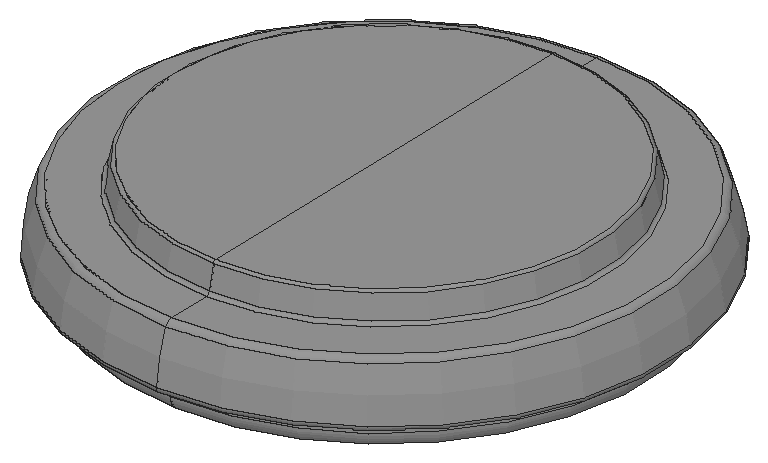
Revit family "FMK11_63_UN_Surface-mounted_ETK", category Lighting Fixtures, Revit 2017 (continued)
Definition of nested family "FMK.1 - Lightsource"
  Parameters (values of type "FMK.1109.10 - Ø250x48 / 12W")
      394.7084\t391.0909\t387.0552\r\n382.4227\t377.3501\t371.7125\t365.6289\t359.0797\t352.0101\t344.5153\t336.5336\t328.0834\t319.186\r\n310.0492\t300.3991\t290.6808\t280.0535\t269.1382\t257.6606\t245.9715\t234.0356\t221.994\t209.6474\r\n197.1639\t184.5242\t171.8904\t158.2648\t144.4077\t130.6839\t117.093\t103.3426\t89.5213\t76.4321\r\n62.9064\t50.3095\t38.9022\t28.6824\t0\t0\r\n405.3384\t405.5619\t405.0308\t404.1037\t402.4481\t400.3826\t397.8529\t394.7029\t391.0716\t386.9514\r\n382.295\t377.2986\t371.6562\t365.6032\t359.0556\t351.9937\t344.5103\t336.584\t328.1776\t319.3532\r\n310.0974\t300.3356\t290.3174\t279.8488\t269.1115\t258.1537\t246.5385\t234.5863\t222.1937\t209.6472\r\n196.9332\t184.0086\t170.9271\t157.807\t144.7993\t131.1715\t116.9912\t103.0076\t89.4388\t75.7848\r\n62.8691\t50.2334\t38.592\t27.1196\t0\t0\r\n405.3384\t405.5633\t405.0407\t404.1312\t402.6392\t400.4187\t397.881\t394.7292\t391.0895\t386.9644\r\n382.2746\t377.1648\t371.4996\t365.4693\t358.9878\t351.9131\t344.4464\t336.5353\t328.1318\t319.3478\r\n310.1011\t300.4485\t290.394\t279.9618\t269.1603\t257.9107\t246.3524\t234.5985\t222.4284\t210.1088\r\n197.3969\t184.1969\t170.8703\t157.4428\t143.9608\t130.43\t116.9468\t103.5478\t89.3098\t75.5778\r\n62.4619\t50.0702\t38.7502\t24.5387\t1.901\t0\r\n405.3384\t405.5636\t405.0466\t404.1492\t402.6681\t400.5955\t398.0664\t394.9307\t391.1454\t387.0248\r\n382.3139\t377.1828\t371.4901\t365.4554\t358.8567\t351.7264\t344.248\t336.3296\t327.9212\t319.2201\r\n309.9694\t300.3191\t290.2888\t279.8993\t269.135\t258.007\t246.5323\t234.736\t222.5462\t210.0919\r\n197.3723\t184.3271\t171.1345\t157.7225\t144.2137\t130.4595\t116.5463\t102.7293\t88.9906\t75.6756\r\n62.4842\t49.7099\t38.4108\t19.5388\t9.0852\t0\r\n405.3384\t405.5627\t405.0483\t404.1575\t402.6822\t400.6129\t398.0939\t394.9827\t391.3659\t387.2691\r\n382.55\t377.4142\t371.7081\t365.686\t358.9237\t351.7483\t344.2571\t336.3046\t327.8656\t319.0519\r\n309.7319\t300.073\t290.0393\t279.6352\t268.8689\t257.7186\t246.2608\t234.4573\t222.2884\t210.0107\r\n197.2602\t184.3582\t171.2221\t157.8358\t144.2992\t130.7043\t116.8944\t103.0094\t89.1137\t75.4482\r\n62.0725\t49.5077\t38.5681\t16.4085\t6.3848\t0\r\n405.3384\t405.5608\t405.0458\t404.1562\t402.6815\t400.6096\t398.0931\t394.9913\t391.3746\t387.2895\r\n382.5726\t377.4458\t371.7456\t365.7409\t359.116\t351.9176\t344.4382\t336.4672\t328.028\t319.2025\r\n309.8386\t300.1705\t290.1395\t279.7338\t268.942\t257.7639\t246.2815\t234.4244\t222.1929\t209.9028\r\n196.969\t184.0235\t170.8906\t157.4183\t143.9226\t130.2982\t116.5333\t102.7217\t88.9801\t75.3324\r\n62.0708\t49.4881\t37.8886\t16.6443\t6.3206\t4.5649\r\n405.3384\t405.5579\t405.0392\t404.1453\t402.6658\t400.5861\t398.064\t394.9565\t391.3223\t387.2272\r\n382.4989\t377.367\t371.656\t365.6345\t358.8616\t351.6754\t344.1767\t336.2087\t327.7721\t318.9511\r\n309.6246\t299.9461\t289.9153\t279.5013\t268.7141\t257.5244\t246.0492\t234.2476\t222.0584\t209.8057\r\n197.0631\t184.1389\t170.9819\t157.6062\t144.0805\t130.4305\t116.7655\t102.8872\t88.9857\t75.3165\r\n61.9974\t49.5022\t38.5004\t19.5133\t10.1573\t0\r\n405.3384\t405.5537\t405.0285\t404.1246\t402.6354\t400.5421\t398.006\t394.879\t391.057\t386.9398\r\n382.2102\t377.0886\t371.3854\t365.3521\t358.7336\t351.5762\t344.0881\t336.1427\t327.7345\t319.0228\r\n309.7484\t300.0828\t290.0448\t279.6173\t268.8275\t257.6208\t246.1171\t234.3028\t222.0743\t209.66\r\n196.8854\t183.8167\t170.5486\t157.0989\t143.5804\t129.9288\t116.1512\t102.4281\t88.8066\t75.5773\r\n62.493\t49.7093\t38.2595\t25.0307\t14.9589\t0\r\n405.3384\t405.5487\t405.0137\t404.0945\t402.5903\t400.3393\t397.7919\t394.6519\t390.9587\t386.8388\r\n382.1207\t377.0237\t371.3413\t365.3181\t358.8128\t351.6794\t344.2118\t336.2599\t327.8486\t319.0383\r\n309.7477\t300.0564\t289.9668\t279.4805\t268.6528\t257.2839\t245.7289\t233.9178\t221.7092\t209.3665\r\n196.5454\t183.3687\t170.0181\t156.5779\t143.1684\t129.7197\t116.3848\t103.1589\t88.9988\t75.3396\r\n62.3046\t50.0937\t38.8254\t28.0997\t2.873\t0\r\n405.3384\t405.5424\t404.9947\t404.055\t402.3835\t400.2776\t397.7298\t394.604\t390.8997\t386.7863\r\n382.0919\t377.1147\t371.4463\t365.407\t358.8101\t351.6735\t344.1847\t336.2129\t327.7678\t318.9134\r\n309.5687\t299.7567\t289.6031\t279.1338\t268.3599\t257.1899\t245.6509\t233.7994\t221.2737\t208.667\r\n195.8953\t182.9771\t169.8766\t156.7282\t143.8338\t130.2381\t116.1827\t102.4101\t88.9484\t75.4168\r\n62.7296\t50.3091\t39.1414\t29.704\t0\t0\r\n405.3384\t405.5351\t404.9716\t403.8532\t402.3311\t400.2301\t397.6855\t394.5908\t390.8787\t386.8617\r\n382.175\t377.112\t371.4367\t365.3594\t358.743\t351.6058\t344.0956\t336.0642\t327.5154\t318.5932\r\n309.2834\t299.6126\t289.6216\t279.1214\t268.1429\t256.518\t244.9018\t233.0679\t220.8676\t208.4546\r\n195.9224\t183.2678\t170.6349\t156.9081\t143.1149\t129.4264\t115.9638\t102.4748\t88.9243\t76.0325\r\n62.7599\t50.5163\t39.7576\t30.4051\t0\t0\r\n405.3384\t405.5268\t404.9446\t403.805\t402.2873\t400.1964\t397.6585\t394.6138\t390.9631\t386.846\r\n382.1518\t377.0764\t371.382\t365.2552\t358.5991\t351.4668\t343.8615\t335.8105\t327.4306\t318.7174\r\n309.3728\t299.5147\t288.9811\t278.3636\t267.4085\t256.1152\t244.6556\t232.9217\t220.9954\t208.7993\r\n196.6284\t183.2571\t169.7766\t156.2175\t142.8009\t129.5874\t115.8561\t102.4694\t89.5373\t75.801\r\n62.8374\t50.9146\t40.2047\t6.0894\t0\t0\r\n405.3384\t405.5175\t404.9137\t403.7611\t402.2519\t400.1761\t397.6486\t394.7553\t390.9488\t386.789\r\n382.1121\t377.0119\t371.2861\t365.1175\t358.3294\t351.2537\t343.813\t335.977\t327.5604\t318.4278\r\n308.6974\t298.7546\t288.5068\t277.9956\t267.1616\t256.1159\t244.8144\t233.2945\t221.7169\t208.8064\r\n195.7188\t182.5554\t169.3922\t156.2082\t142.9406\t129.1804\t115.9091\t102.9762\t89.1253\t75.8369\r\n63.1021\t51.3207\t40.5082\t0\t0\t0\r\n405.3384\t405.5071\t404.732\t403.7215\t402.2248\t400.1686\t397.7338\t394.8479\t390.8965\t386.7357\r\n382.0539\t376.9054\t371.1484\t364.8842\t358.2241\t351.4508\t343.9783\t335.7216\t326.8896\t317.6788\r\n308.2461\t298.3973\t288.3086\t277.939\t267.2925\t256.4485\t245.5245\t233.6216\t220.7985\t208.0817\r\n195.2276\t182.3754\t169.6036\t156.0708\t142.5048\t129.2499\t116.3261\t102.426\t89.0803\t75.9582\r\n63.4055\t51.6359\t45.2068\t0\t0\t0\r\n405.3384\t405.4958\t404.7008\t403.6862\t402.2055\t400.2642\t397.7241\t394.865\t390.8568\t386.6659\r\n381.976\t376.6726\t370.9429\t364.8366\t358.4087\t351.334\t343.5563\t334.9914\t326.3919\t317.3169\r\n308.0073\t298.2976\t288.3747\t278.1618\t267.7576\t257.0033\t244.8286\t232.6273\t220.2623\t207.8032\r\n195.2499\t182.6548\t169.1292\t155.7437\t142.619\t129.6789\t115.7028\t102.2394\t89.062\t76.0071\r\n63.5996\t51.8486\t11.6838\t0\t0\t0\r\n405.3384\t405.4834\t404.6711\t403.6553\t402.1936\t400.258\t397.6979\t394.8548\t390.809\t386.5801\r\n381.7953\t376.5628\t370.9021\t365.0558\t358.2517\t350.708\t342.8497\t334.6091\t326.0741\t317.1853\r\n307.9783\t298.4528\t288.6922\t278.8691\t267.9516\t256.0449\t244.1901\t232.1682\t220.074\t207.8676\r\n195.4583\t182.0264\t168.8523\t155.8456\t142.9997\t129.0282\t115.4645\t102.3448\t88.8812\t76.0111\r\n63.697\t51.9403\t0\t0\t0\t0\r\n405.3384\t405.4702\t404.6431\t403.6287\t402.2832\t400.2467\t397.6616\t394.8126\t390.7531\t386.4813\r\n381.7031\t376.5033\t371.0899\t364.866\t357.6417\t350.2384\t342.4952\t334.4178\t325.9215\t317.2094\r\n308.1434\t298.8419\t289.3001\t278.281\t266.9656\t255.5234\t243.8676\t232.0908\t220.4035\t207.9609\r\n194.7531\t181.8051\t168.927\t156.2326\t142.3126\t128.7065\t115.4865\t101.9757\t88.7309\t76.0048\r\n63.7421\t56.6766\t0\t0\t0\t0\r\n405.3384\t405.4561\t404.6167\t403.6076\t402.2769\t400.2274\t397.6166\t394.7349\t390.6867\t386.33\r\n381.656\t376.7279\t370.9169\t364.2502\t357.2389\t349.8681\t342.264\t334.3087\t325.9477\t317.3662\r\n308.4811\t299.3487\t288.5326\t277.6229\t266.5022\t255.2499\t243.8518\t232.5118\t220.0293\t207.2658\r\n194.5118\t181.8749\t169.3599\t155.551\t141.9034\t128.5853\t115.2093\t101.7082\t88.6305\t75.9892\r\n63.7506\t34.8823\t0\t0\t0\t0\r\n405.3384\t405.441\t404.5919\t403.5925\t402.2647\t400.2005\t397.5636\t394.6195\t390.511\t386.2918\r\n381.8682\t376.6329\t370.3868\t363.8318\t356.9304\t349.652\t342.1589\t334.2951\t326.1382\t317.7058\r\n308.9338\t298.5236\t287.9506\t277.1892\t266.2979\t255.2333\t244.3108\t232.0843\t219.5682\t206.9936\r\n194.5653\t182.2533\t168.7385\t155.1122\t141.7148\t128.5532\t114.8199\t101.4796\t88.5326\t75.9589\r\n63.7436\t0\t0\t0\t0\t0\r\n405.3384\t405.4251\t404.5685\t403.5817\t402.2465\t400.1668\t397.508\t394.4112\t390.4413\t386.2913\r\n381.8067\t376.4311\t370.0062\t363.505\t356.7156\t349.5603\t342.1638\t334.4401\t326.4674\t318.1326\r\n308.1103\t297.9214\t287.5762\t277.012\t266.3002\t255.6656\t243.832\t231.5923\t219.2864\t207.014\r\n194.9442\t181.7689\t168.1866\t154.8828\t141.8181\t128.0517\t114.4929\t101.2468\t88.4031\t75.8633\r\n69.485\t0\t0\t0\t0\t0\r\n405.3384\t405.2485\t404.5335\t403.6645\t402.2224\t400.1255\t397.475\t394.1709\t390.3989\t386.5385\r\n381.6223\t375.8443\t369.6864\t363.2614\t356.5777\t349.5494\t342.2587\t334.7322\t326.9154\t317.3685\r\n307.5367\t297.5489\t287.3558\t277.0195\t266.7127\t255.5088\t243.294\t231.2722\t219.2355\t207.2358\r\n194.7953\t181.1626\t167.9131\t154.7557\t141.4371\t127.7042\t114.2298\t101.0851\t88.2593\t75.7374\r\n52.566\t0\t0\t0\t0\t0\r\n405.3384\t405.2313\t404.5149\t403.6585\t402.1924\t400.0874\t397.4062\t394.0524\t390.3827\t386.4783\r\n381.347\t375.4965\t369.4174\t363.101\t356.5087\t349.625\t342.4702\t335.2626\t326.2434\t316.8153\r\n307.1624\t297.3178\t287.3215\t277.1874\t266.6991\t254.7569\t242.9726\t231.1253\t219.3601\t207.4539\r\n194.0571\t180.8106\t167.6988\t154.8237\t140.9526\t127.3463\t114.024\t100.9381\t88.1442\t75.6199\r\n8.3292\t0\t0\t0\t0\t0\r\n405.3384\t405.2143\t404.4979\t403.65\t402.1564\t400.0372\t397.3255\t393.9625\t390.6129\t386.3063\r\n380.8286\t375.1745\t369.2361\t363.0129\t356.5201\t349.7807\t343.0483\t335.0507\t325.7043\t316.3858\r\n306.914\t297.2339\t287.4377\t277.4576\t265.9553\t254.3844\t242.7811\t231.1938\t219.6917\t206.6946\r\n193.5598\t180.5774\t167.6861\t154.2617\t140.5223\t127.0588\t113.7914\t100.7972\t88.0366\t83.4326\r\n0\t0\t0\t0\t0\t0\r\n405.3384\t405.1978\t404.4825\t403.6384\t402.0911\t399.9817\t397.1408\t393.8852\t390.547\t386.0015\r\n380.5505\t374.9336\t369.1354\t362.9788\t356.6063\t350.0031\t343.0514\t334.2028\t325.2569\t316.0815\r\n306.771\t297.3248\t287.8218\t276.8308\t265.4808\t254.1562\t242.7619\t231.3645\t219.1669\t206.151\r\n193.2513\t180.4127\t167.6455\t153.7701\t140.1673\t126.7721\t113.5971\t100.6559\t87.9035\t73.2104\r\n0\t0\t0\t0\t0\t0\r\n405.3384\t405.1816\t404.4685\t403.6236\t402.0462\t399.9218\t397.0406\t393.8449\t390.4197\t385.4588\r\n380.303\t374.7523\t369.0481\t362.9941\t356.7556\t350.4899\t342.3766\t333.7323\t324.91\t315.93\r\n306.7423\t297.7012\t287.638\t276.3403\t265.2041\t254.0066\t242.8588\t231.5472\t218.5675\t205.791\r\n193.0312\t180.5339\t166.992\t153.2951\t139.8329\t126.5198\t113.4096\t100.488\t87.7644\t50.183\r\n0\t0\t0\t0\t0\t0\r\n405.3384\t405.1658\t404.4556\t403.605\t402.0047\t399.8587\t396.9678\t394.0484\t390.2485\t385.1764\r\n380.0833\t374.6292\t368.9744\t363.0772\t356.9562\t350.3807\t341.8775\t333.354\t324.6587\t315.8276\r\n306.8408\t297.6991\t286.865\t275.9921\t265.0466\t254.0282\t243.181\t230.8144\t218.1129\t205.4704\r\n192.95\t180.3241\t166.4787\t152.9016\t139.4897\t126.2465\t113.2069\t100.3244\t87.5932\t7.0091\r\n0\t0\t0\t0\t0\t0\r\n405.3384\t405.1736\t404.4436\t403.5723\t401.9608\t399.8075\t396.909\t394.0477\t390.0041\t384.9479\r\n379.8834\t374.551\t368.9703\t363.21\t357.4063\t349.6805\t341.4574\t333.0643\t324.521\t315.8139\r\n307.234\t297.0694\t286.4243\t275.712\t264.9568\t254.1683\t243.0001\t230.2308\t217.7563\t205.2779\r\n193.0318\t179.6139\t166.0256\t152.5274\t139.1851\t126.0071\t112.9942\t100.1243\t93.9816\t0\r\n0\t0\t0\t0\t0\t0\r\n405.3384\t405.1582\t404.4323\t403.5458\t401.9186\t399.7372\t396.864\t393.9692\t389.4676\t384.7303\r\n379.7002\t374.4837\t369.0179\t363.3474\t357.309\t349.2254\t341.1152\t332.8524\t324.4403\t315.899\r\n307.1158\t296.6023\t286.0655\t275.5201\t264.9227\t254.484\t242.2719\t229.8418\t217.4461\t205.1551\r\n192.8003\t179.0668\t165.548\t152.1467\t138.9029\t125.7703\t112.7705\t99.923\t81.4643\t0\r\n0\t0\t0\t0\t0\t0\r\n405.3384\t405.1427\t404.4215\t403.5172\t401.8789\t399.5738\t396.8307\t393.84\t389.2108\t384.5347\r\n379.5711\t374.4387\t369.0911\t363.8155\t356.9853\t348.8325\t340.836\t332.7132\t324.4347\t316.2659\r\n306.469\t296.1791\t285.8331\t275.4029\t264.9879\t254.1807\t241.7605\t229.4924\t217.282\t205.2627\r\n192.1131\t178.5645\t165.1154\t151.7836\t138.585\t125.5095\t112.5563\t99.7128\t60.9146\t0\r\n0\t0\t0\t0\t0\t0\r\n405.3384\t405.1268\t404.411\t403.4869\t401.8689\t399.5039\t396.8145\t393.6447\t388.9954\t384.3538\r\n379.4857\t374.4179\t369.1782\t363.8193\t356.2567\t348.5043\t340.6114\t332.606\t324.4985\t316.1813\r\n306.0112\t295.8319\t285.6355\t275.3934\t265.2495\t253.4097\t241.2878\t229.2124\t217.1097\t205.0994\r\n191.5675\t178.0818\t164.7012\t151.456\t138.2911\t125.2321\t112.3059\t99.4762\t16.2983\t0\r\n0\t0\t0\t0\t0\t0\r\n405.3384\t405.1108\t404.4903\t403.4555\t401.8237\t399.4103\t397.0305\t393.4442\t388.8336\t384.1754\r\n379.4075\t374.43\t369.2737\t363.6191\t355.8892\t348.234\t340.4491\t332.5491\t324.8276\t315.8567\r\n305.6102\t295.5819\t285.4934\t275.413\t265.0581\t252.9031\t240.9149\t228.9525\t217.0191\t204.6975\r\n191.0128\t177.6397\t164.3329\t151.1167\t137.9969\t124.9687\t112.062\t107.5917\t0.7007\t0\r\n0\t0\t0\t0\t0\t0\r\n405.3384\t405.0944\t404.4708\t403.4232\t401.771\t399.3535\t397.0169\t393.0022\t388.6496\t384.0408\r\n379.3374\t374.4627\t369.6852\t362.9627\t355.5698\t348.0061\t340.3388\t332.5584\t324.7942\t315.1398\r\n305.2951\t295.3698\t285.4247\t275.6825\t264.3367\t252.5037\t240.6145\t228.7679\t217.1002\t203.9238\r\n190.5367\t177.2097\t163.9532\t150.792\t137.717\t124.7302\t111.8063\t98.8725\t0\t0\r\n0\t0\t0\t0\t0\t0\r\n405.3384\t405.0776\t404.4545\t403.3908\t401.7101\t399.3099\t396.9567\t392.7976\t388.4495\t383.9609\r\n379.2847\t374.4998\t369.6843\t362.5741\t355.27\t347.8284\t340.249\t332.6102\t324.5858\t314.7295\r\n304.9935\t295.2193\t285.3785\t275.5735\t263.8563\t252.1042\t240.3755\t228.643\t216.8475\t203.3823\r\n190.0477\t176.7881\t163.6007\t150.4803\t137.4402\t124.4543\t111.5517\t85.0694\t0\t0\r\n0\t0\t0\t0\t0\t0\r\n405.3384\t405.0604\t404.4375\t403.3708\t401.6143\t399.2784\t396.8678\t392.6205\t388.286\t383.8712\r\n379.2482\t374.5384\t369.5416\t362.2694\t354.9882\t347.6747\t340.2311\t332.9204\t323.9709\t314.3815\r\n304.7666\t295.0886\t285.3921\t275.2484\t263.399\t251.7743\t240.1515\t228.5226\t216.4169\t202.8894\r\n189.6152\t176.4056\t163.2526\t150.1706\t137.1488\t124.1833\t111.2847\t67.3012\t0\t0\r\n0\t0\t0\t0\t0\t0\r\n405.3384\t405.0427\t404.4198\t403.3318\t401.5423\t399.2809\t396.7363\t392.489\t388.1443\t383.7593\r\n379.2585\t374.6007\t369.2833\t361.9708\t354.796\t347.5124\t340.2151\t332.8981\t323.5654\t314.0775\r\n304.5571\t295.0196\t285.6448\t274.5513\t263.0117\t251.4537\t239.942\t228.6113\t215.6596\t202.3901\r\n189.1856\t176.0419\t162.932\t149.883\t136.8857\t123.9284\t122.8764\t24.0819\t0\t0\r\n0\t0\t0\t0\t0\t0\r\n405.3384\t405.0244\t404.402\t403.293\t401.4733\t399.2445\t396.6121\t392.3366\t388.0271\t383.6686\r\n379.2507\t374.9702\t368.6448\t361.6732\t354.6081\t347.4237\t340.1562\t332.7313\t323.2268\t313.8119\r\n304.3844\t294.9379\t285.5233\t274.1363\t262.6612\t251.2131\t239.7592\t228.325\t215.0958\t201.9145\r\n188.7725\t175.6617\t162.5822\t149.5668\t136.5956\t123.6688\t120.5677\t9.957\t0\t0\r\n0\t0\t0\t0\t0\t0\r\n405.3384\t405.0054\t404.384\t403.2512\t401.3208\t399.1951\t396.4819\t392.1762\t387.9514\t383.5908\r\n379.2078\t374.9606\t368.3521\t361.3828\t354.4067\t347.3472\t340.1951\t332.3855\t322.9143\t313.5971\r\n304.2281\t294.8631\t285.2223\t273.7182\t262.3605\t251.0007\t239.6319\t227.9627\t214.5968\t201.4525\r\n188.3381\t175.2686\t162.2411\t149.2486\t136.2977\t123.3792\t114.9625\t0\t0\t0\r\n0\t0\t0\t0\t0\t0\r\n405.3384\t404.9858\t404.3663\t403.2062\t401.2807\t399.3352\t396.3671\t391.9995\t387.8556\t383.5414\r\n379.1954\t374.8369\t368.0781\t361.1669\t354.2081\t347.2392\t340.4601\t331.7946\t322.572\t313.375\r\n304.1344\t294.8515\t284.8364\t273.3137\t262.0496\t250.7828\t239.7394\t227.2719\t214.143\t201.0284\r\n187.957\t174.9188\t161.9031\t148.9358\t135.9942\t123.0935\t106.9167\t0\t0\t0\r\n0\t0\t0\t0\t0\t0\r\n405.3384\t404.9657\t404.3491\t403.137\t401.2259\t399.2718\t396.1988\t391.8626\t387.7249\t383.5318\r\n379.2046\t374.674\t367.8035\t360.9786\t354.0767\t347.1349\t340.3019\t331.4341\t322.3187\t313.1475\r\n303.9869\t295.0203\t284.1943\t272.9865\t261.7665\t250.5691\t239.5527\t226.7795\t213.6915\t200.6354\r\n187.5885\t174.5759\t161.5912\t148.6211\t135.6938\t122.7886\t97.1013\t0\t0\t0\r\n0\t0\t0\t0\t0\t0\r\n405.3384\t404.9447\t404.3643\t403.0908\t401.1696\t399.2115\t395.7381\t391.7602\t387.6137\t383.4745\r\n379.2433\t374.4878\t367.536\t360.7869\t353.9653\t347.0886\t340.1271\t331.0609\t322.0462\t312.9846\r\n303.8666\t294.8288\t283.7883\t272.6681\t261.5277\t250.3816\t239.2929\t226.2978\t213.2501\t200.2267\r\n187.218\t174.2303\t161.2676\t148.3254\t135.4154\t122.514\t86.1249\t0\t0\t0\r\n0\t0\t0\t0\t0\t0\r\n405.3384\t404.9229\t404.3466\t403.048\t401.1114\t399.1739\t395.5625\t391.6161\t387.5292\t383.3775\r\n379.2387\t374.3121\t367.2962\t360.5925\t353.8461\t347.0574\t339.9336\t330.7756\t321.7646\t312.7595\r\n303.7724\t294.6075\t283.4083\t272.337\t261.2567\t250.1906\t238.9891\t225.8589\t212.8415\t199.8294\r\n186.8583\t173.8966\t160.9568\t148.0252\t135.1175\t122.2164\t74.5102\t0\t0\t0\r\n0\t0\t0\t0\t0\t0\r\n405.3384\t404.9005\t404.3255\t403.009\t401.0339\t399.1156\t395.4146\t391.4309\t387.4243\t383.3208\r\n379.4976\t373.7544\t367.1078\t360.4023\t353.7011\t347.0017\t339.7099\t330.5052\t321.5623\t312.5965\r\n303.6305\t294.2656\t283.057\t272.0629\t261.0319\t250.0033\t238.6069\t225.4043\t212.4214\t199.4582\r\n186.5098\t173.5796\t160.6474\t147.7264\t134.8117\t134.8645\t35.7949\t0\t0\t0\r\n0\t0\t0\t0\t0\t0\r\n405.3384\t404.8772\t404.301\t402.9743\t400.978\t399.0523\t395.3086\t391.2952\t387.2858\t383.248\r\n379.4366\t373.4825\t366.884\t360.2677\t353.5976\t347.1681\t339.3917\t330.259\t321.3543\t312.4464\r\n303.5241\t293.9556\t282.7397\t271.7601\t260.7829\t249.8115\t238.199\t224.9904\t212.0355\t1
